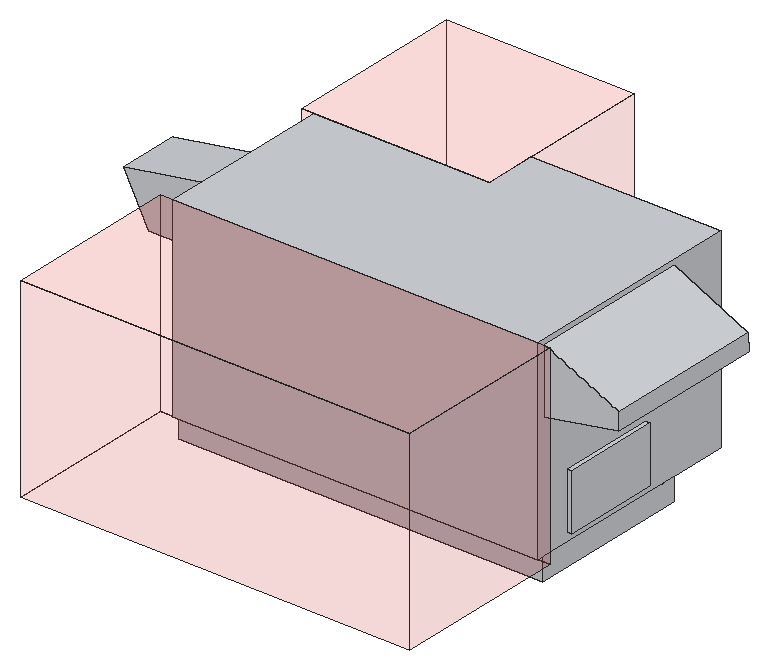
Revit family
Parameters (values of type "575 V Three Phase")
  XS4 [instance] = "XS4"
  XS3 [instance] = "XS3"
  XP5 [instance] = "XP5"
  XP3 [instance] = "XP3"
  XH5 [instance] = "XH5"
  XH3 [instance] = "XH3"
  XD4 [instance] = "XD4"
  XD3 [instance] = "XD3"
  XB4 [instance] = "XB4"
  XB3 [instance] = "XB3"
  Winter Exhaust RH Scheduled [instance] = 35
  Winter Exhaust DB Scheduled [instance] = 70
  Weight Scheduled [instance] = 1100
  Voltage Workaround = Voltage / 1 V  # 575
  Voltage Scheduled = Voltage  # 575 V
  Voltage = 575 V
  VoltAmps Workaround [instance] = Voltage Workaround * Total FLA * sqrt(Phase)  # 6373.947
  VoltAmps [instance] = VoltAmps Workaround * 1 VA  # 6373.95 VA
  URL = "http://www.renewaire.com/products/doas/outdoor-models/rd2xrt"
  Total FLA [instance] = Supply Motor FLA + Exhaust Motor FLA  # 6.4
  Supply Motor HP Scheduled [instance] = Supply Motor HP  # 2
  Supply Motor HP [instance] = 2  # constant formula
  Supply Motor FLA [instance] = if(and(or(Voltage = 208 V, Voltage = 230 V), Phase = 1), 9.5, if(and(or(Voltage = 208 V, Voltage = 230 V), Phase = 3), 8.1, if(and(Voltage = 460 V, Phase = 3), 4.1, if(and(Voltage = 575 V, Phase = 3), 3.2, 0))))  # 3.2
  Supply Motor Count Scheduled [instance] = Supply Motor Count  # 1
  Supply Motor Count [instance] = 1  # constant formula
  Supply ESP Scheduled [instance] = Supply ESP  # 1
  Supply ESP [instance] = 1
  Supply CFM Scheduled [instance] = Supply CFM  # 1600 CFM
  Supply CFM [instance] = 1600 CFM
  Supply Air Winter WB Scheduled [instance] = 0
  Supply Air Winter RH Scheduled [instance] = 0
  Supply Air Winter DB Scheduled [instance] = 0
  Supply Air Summer WB Scheduled [instance] = 0
  Supply Air Summer RH Scheduled [instance] = 0
  Supply Air Summer DB Scheduled [instance] = 0
  Summer Exhaust RH Scheduled [instance] = 50
  Summer Exhaust DB Scheduled [instance] = 75
  SD5 [instance] = "SD5"
  SD4 [instance] = "SD4"
  SD3 [instance] = "SD3"
  SC5 [instance] = "SC5"
  SC4 [instance] = "SC4"
  SC3 [instance] = "SC3"
  Phase Scheduled = Phase  # 3
  Phase = 3
  Outside Air Winter WB Scheduled [instance] = -1
  Outside Air Winter DB Scheduled [instance] = 0
  Outside Air Summer WB Scheduled [instance] = 78
  Outside Air Summer DB Scheduled [instance] = 95
  Number of Poles = 3
  No Coil [instance] = "--"
  Model = "RD2XRT"
  Manufacturer = "RenewAire"
  MOCP Scheduled [instance] = MOCP  # 15
  MOCP [instance] = if(and(or(Voltage = 208 V, Voltage = 230 V), Phase = 1), 30, if(and(or(Voltage = 208 V, Voltage = 230 V), Phase = 3), 20, if(and(Voltage = 460 V, Phase = 3), 15, if(and(Voltage = 575 V, Phase = 3), 15, 0))))  # 15
  MCA Scheduled [instance] = MCA  # 7.2
  MCA [instance] = if(and(or(Voltage = 208 V, Voltage = 230 V), Phase = 1), 21.4, if(and(or(Voltage = 208 V, Voltage = 230 V), Phase = 3), 18.2, if(and(Voltage = 460 V, Phase = 3), 9.2, if(and(Voltage = 575 V, Phase = 3), 7.2, 0))))  # 7.2
  Heating Water EWT Scheduled [instance] = Heating Coil EWT  # 180
  Heating Coil Scheduled [instance] = if(Heat Coil XS4, XS4, if(Heat Coil XS3, XS3, if(Heat Coil XD3, XD3, if(Heat Coil XB4, XB4, if(Heat Coil DV4, DV4, if(Heat Coil XB3, XB3, if(Heat Coil DV3, DV3, if(Heat Coil SC5, SC5, if(Heat Coil SD5, SD5, if(Heat Coil SC4, SC4, if(Heat Coil SD4, SD4, if(Heat Coil SC3, SC3, if(Heat Coil SD3, SD3, if(Heat Coil HW1, HW1, No Coil))))))))))))))  # "--"
  Heating Coil PD Scheduled [instance] = if(and(and(Winter Exhaust DB Scheduled = 70, Winter Exhaust RH Scheduled = 35), and(Outside Air Winter WB Scheduled = -1, Outside Air Winter DB Scheduled = 0)), if(or(Heat Coil SC5, Heat Coil SD5), if(Heating Water EWT Scheduled = 140, if(Supply CFM > 2000 CFM, 0, if(Supply CFM > 1500 CFM, 0.9, if(Supply CFM > 1000 CFM, 0.4, 0.2))), if(Heating Water EWT Scheduled = 180, if(Supply CFM > 2000 CFM, 0, if(Supply CFM > 1500 CFM, 0.9, if(Supply CFM > 1000 CFM, 0.4, 0.2))), 0)), if(or(Heat Coil SC4, Heat Coil SD4), if(Heating Water EWT Scheduled = 140, if(Supply CFM > 2000 CFM, 0, if(Supply CFM > 1500 CFM, 0.8, if(Supply CFM > 1000 CFM, 0.4, 0.1))), if(Heating Water EWT Scheduled = 180, if(Supply CFM > 2000 CFM, 0, if(Supply CFM > 1500 CFM, 0.7, if(Supply CFM > 1000 CFM, 0.3, 0.1))), 0)), if(or(Heat Coil SC3, Heat Coil SD3), if(Heating Water EWT Scheduled = 140, if(Supply CFM > 2000 CFM, 0, if(Supply CFM > 1500 CFM, 2.8, if(Supply CFM > 1000 CFM, 1.3, 0.5))), if(Heating Water EWT Scheduled = 180, if(Supply CFM > 2000 CFM, 0, if(Supply CFM > 1500 CFM, 2.7, if(Supply CFM > 1000 CFM, 1.3, 0.5))), 0)), if(Heat Coil HW1, if(Heating Water EWT Scheduled = 140, if(Supply CFM > 2000 CFM, 0, if(Supply CFM > 1500 CFM, 1.6, if(Supply CFM > 1000 CFM, 0.8, 0.3))), if(Heating Water EWT Scheduled = 180, if(Supply CFM > 2000 CFM, 0, if(Supply CFM > 1500 CFM, 1.6, if(Supply CFM > 1000 CFM, 0.8, 0.3))), 0)), 0)))), 0)  # 0
  Heating Coil Load Scheduled [instance] = if(and(and(Winter Exhaust DB Scheduled = 70, Winter Exhaust RH Scheduled = 35), and(Outside Air Winter WB Scheduled = -1, Outside Air Winter DB Scheduled = 0)), if(or(Heat Coil XS4, Heat Coil XD4), if(Supply CFM > 2000 CFM, 0, if(Supply CFM > 1500 CFM, 109, if(Supply CFM > 1000 CFM, 81, 59))), if(or(Heat Coil XS3, Heat Coil XD3), if(Supply CFM > 2000 CFM, 0, if(Supply CFM > 1500 CFM, 79, if(Supply CFM > 1000 CFM, 65, 48))), if(or(Heat Coil XB4, Heat Coil DV4), if(Supply CFM > 2000 CFM, 0, if(Supply CFM > 1500 CFM, 102, if(Supply CFM > 1000 CFM, 78, 56))), if(or(Heat Coil XB3, Heat Coil DV3), if(Supply CFM > 2000 CFM, 0, if(Supply CFM > 1500 CFM, 75, if(Supply CFM > 1000 CFM, 61, 46))), if(or(Heat Coil SC5, Heat Coil SD5), if(Heating Water EWT Scheduled = 140, if(Supply CFM > 2000 CFM, 0, if(Supply CFM > 1500 CFM, 151, if(Supply CFM > 1000 CFM, 107, 66))), if(Heating Water EWT Scheduled = 180, if(Supply CFM > 2000 CFM, 0, if(Supply CFM > 1500 CFM, 218, if(Supply CFM > 1000 CFM, 157, 99))), 0)), if(or(Heat Coil SC4, Heat Coil SD4), if(Heating Water EWT Scheduled = 140, if(Supply CFM > 2000 CFM, 0, if(Supply CFM > 1500 CFM, 139, if(Supply CFM > 1000 CFM, 99, 62))), if(Heating Water EWT Scheduled = 180, if(Supply CFM > 2000 CFM, 0, if(Supply CFM > 1500 CFM, 201, if(Supply CFM > 1000 CFM, 145, 92))), 0)), if(or(Heat Coil SC3, Heat Coil SD3), if(Heating Water EWT Scheduled = 140, if(Supply CFM > 2000 CFM, 0, if(Supply CFM > 1500 CFM, 130, if(Supply CFM > 1000 CFM, 94, 60))), if(Heating Water EWT Scheduled = 180, if(Supply CFM > 2000 CFM, 0, if(Supply CFM > 1500 CFM, 188, if(Supply CFM > 1000 CFM, 138, 89))), 0)), if(Heat Coil HW1, if(Heating Water EWT Scheduled = 140, if(Supply CFM > 2000 CFM, 0, if(Supply CFM > 1500 CFM, 75, if(Supply CFM > 1000 CFM, 58, 41))), if(Heating Water EWT Scheduled = 180, if(Supply CFM > 2000 CFM, 0, if(Supply CFM > 1500 CFM, 110, if(Supply CFM > 1000 CFM, 86, 61))), 0)), 0)))))))), 0)  # 0
  Heating Coil LWT [instance] = 0
  Heating Coil LAT Scheduled [instance] = if(and(and(Winter Exhaust DB Scheduled = 70, Winter Exhaust RH Scheduled = 35), and(Outside Air Winter WB Scheduled = -1, Outside Air Winter DB Scheduled = 0)), if(or(Heat Coil XS4, Heat Coil XD4), if(Supply CFM > 2000 CFM, 0, if(Supply CFM > 1500 CFM, 96, if(Supply CFM > 1000 CFM, 99.8, 107.6))), if(or(Heat Coil XS3, Heat Coil XD3), if(Supply CFM > 2000 CFM, 0, if(Supply CFM > 1500 CFM, 82.6, if(Supply CFM > 1000 CFM, 89.5, 98.1))), if(or(Heat Coil XB4, Heat Coil DV4), if(Supply CFM > 2000 CFM, 0, if(Supply CFM > 1500 CFM, 92.9, if(Supply CFM > 1000 CFM, 97.4, 105.4))), if(or(Heat Coil XB3, Heat Coil DV3), if(Supply CFM > 2000 CFM, 0, if(Supply CFM > 1500 CFM, 80.5, if(Supply CFM > 1000 CFM, 87.4, 96))), if(or(Heat Coil SC5, Heat Coil SD5), if(Heating Water EWT Scheduled = 140, if(Supply CFM > 2000 CFM, 0, if(Supply CFM > 1500 CFM, 115.4, if(Supply CFM > 1000 CFM, 115.3, 114.7))), if(Heating Water EWT Scheduled = 180, if(Supply CFM > 2000 CFM, 0, if(Supply CFM > 1500 CFM, 146.5, if(Supply CFM > 1000 CFM, 145.9, 144.5))), 0)), if(or(Heat Coil SC4, Heat Coil SD4), if(Heating Water EWT Scheduled = 140, if(Supply CFM > 2000 CFM, 0, if(Supply CFM > 1500 CFM, 109.8, if(Supply CFM > 1000 CFM, 110.3, 110.3))), if(Heating Water EWT Scheduled = 180, if(Supply CFM > 2000 CFM, 0, if(Supply CFM > 1500 CFM, 138.7, if(Supply CFM > 1000 CFM, 138.7, 138.1))), 0)), if(or(Heat Coil SC3, Heat Coil SD3), if(Heating Water EWT Scheduled = 140, if(Supply CFM > 2000 CFM, 0, if(Supply CFM > 1500 CFM, 105.8, if(Supply CFM > 1000 CFM, 107.5, 108.8))), if(Heating Water EWT Scheduled = 180, if(Supply CFM > 2000 CFM, 0, if(Supply CFM > 1500 CFM, 132.4, if(Supply CFM > 1000 CFM, 134.4, 135.7))), 0)), if(Heat Coil HW1, if(Heating Water EWT Scheduled = 140, if(Supply CFM > 2000 CFM, 0, if(Supply CFM > 1500 CFM, 80.8, if(Supply CFM > 1000 CFM, 85.6, 90.9))), if(Heating Water EWT Scheduled = 180, if(Supply CFM > 2000 CFM, 0, if(Supply CFM > 1500 CFM, 96.6, if(Supply CFM > 1000 CFM, 102.7, 109.6))), 0)), 0)))))))), 0)  # 0
  Heating Coil Fluid Type Scheduled [instance] = ""
  Heating Coil Flow Rate Scheduled [instance] = if(and(and(Winter Exhaust DB Scheduled = 70, Winter Exhaust RH Scheduled = 35), and(Outside Air Winter WB Scheduled = -1, Outside Air Winter DB Scheduled = 0)), if(or(Heat Coil SC5, Heat Coil SD5), if(Heating Water EWT Scheduled = 140, if(Supply CFM > 2000 CFM, 0, if(Supply CFM > 1500 CFM, 6.4, if(Supply CFM > 1000 CFM, 4.2, 2.4))), if(Heating Water EWT Scheduled = 180, if(Supply CFM > 2000 CFM, 0, if(Supply CFM > 1500 CFM, 6.4, if(Supply CFM > 1000 CFM, 4.2, 2.4))), 0)), if(or(Heat Coil SC4, Heat Coil SD4), if(Heating Water EWT Scheduled = 140, if(Supply CFM > 2000 CFM, 0, if(Supply CFM > 1500 CFM, 6.4, if(Supply CFM > 1000 CFM, 4.2, 2.4))), if(Heating Water EWT Scheduled = 180, if(Supply CFM > 2000 CFM, 0, if(Supply CFM > 1500 CFM, 6.4, if(Supply CFM > 1000 CFM, 4.2, 2.4))), 0)), if(or(Heat Coil SC3, Heat Coil SD3), if(Heating Water EWT Scheduled = 140, if(Supply CFM > 2000 CFM, 0, if(Supply CFM > 1500 CFM, 6.4, if(Supply CFM > 1000 CFM, 4.2, 2.4))), if(Heating Water EWT Scheduled = 180, if(Supply CFM > 2000 CFM, 0, if(Supply CFM > 1500 CFM, 6.4, if(Supply CFM > 1000 CFM, 4.2, 2.4))), 0)), if(Heat Coil HW1, if(Heating Water EWT Scheduled = 140, if(Supply CFM > 2000 CFM, 0, if(Supply CFM > 1500 CFM, 7.5, if(Supply CFM > 1000 CFM, 5, 2.9))), if(Heating Water EWT Scheduled = 180, if(Supply CFM > 2000 CFM, 0, if(Supply CFM > 1500 CFM, 7.6, if(Supply CFM > 1000 CFM, 5, 2.9))), 0)), 0)))), 0)  # 0
  Heating Coil EWT [instance] = 180
  Heat Coil XS4 [instance] = no
  Heat Coil XS3 [instance] = no
  Heat Coil XD4 [instance] = no
  Heat Coil XD3 [instance] = no
  Heat Coil XB4 [instance] = no
  Heat Coil XB3 [instance] = no
  Heat Coil SD5 [instance] = no
  Heat Coil SD4 [instance] = no
  Heat Coil SD3 [instance] = no
  Heat Coil SC5 [instance] = no
  Heat Coil SC4 [instance] = no
  Heat Coil SC3 [instance] = no
  Heat Coil HW1 [instance] = no
  Heat Coil DV4 [instance] = no
  Heat Coil DV3 [instance] = no
  HW1 [instance] = "HW1"
  HP4 [instance] = "HP4"
  HP3 [instance] = "HP3"
  FLA Scheduled [instance] = Total FLA  # 6.4
  Exhaust Motor HP Scheduled [instance] = Exhaust Motor HP  # 2
  Exhaust Motor HP [instance] = 2  # constant formula
  Exhaust Motor FLA [instance] = if(and(or(Voltage = 208 V, Voltage = 230 V), Phase = 1), 9.5, if(and(or(Voltage = 208 V, Voltage = 230 V), Phase = 3), 8.1, if(and(Voltage = 460 V, Phase = 3), 4.1, if(and(Voltage = 575 V, Phase = 3), 3.2, 0))))  # 3.2
  Exhaust Motor Count Scheduled [instance] = Exhaust Motor Count  # 1
  Exhaust Motor Count [instance] = 1  # constant formula
  Exhaust ESP Scheduled [instance] = Exhaust ESP  # 1
  Exhaust ESP [instance] = 1
  Exhaust CFM Scheduled [instance] = Exhaust CFM  # 1500 CFM
  Exhaust CFM [instance] = 1500 CFM
  Enthalpy Effect Winter Scheduled [instance] = 0
  Enthalpy Effect Summer Scheduled [instance] = 0
  Effectiveness Total Winter Scheduled [instance] = 0
  Effectiveness Total Summer Scheduled [instance] = 0
  Effectiveness Sensible Winter Scheduled [instance] = 0
  Effectiveness Sensible Summer Scheduled [instance] = 0
  DX5 [instance] = "DX5"
  DX3 [instance] = "DX3"
  DV4 [instance] = "DV4"
  DV3 [instance] = "DV3"
  DU4 [instance] = "DU4"
  DU3 [instance] = "DU3"
  DP4 [instance] = "DP4"
  DP3 [instance] = "DP3"
  DH4 [instance] = "DH4"
  DH3 [instance] = "DH3"
  DD5 [instance] = "DD5"
  DD3 [instance] = "DD3"
  Cooling Coil Scheduled [instance] = if(Cool Coil DX5, DX5, if(Cool Coil DD5, DD5, if(Cool Coil XH5, XH5, if(Cool Coil XP5, XP5, if(Cool Coil DX3, DX3, if(Cool Coil DD3, DD3, if(Cool Coil XH3, XH3, if(Cool Coil XP3, XP3, if(Cool Coil DU4, DU4, if(Cool Coil DH4, DH4, if(Cool Coil DP4, DP4, if(Cool Coil HP4, HP4, if(Cool Coil DU3, DU3, if(Cool Coil DH3, DH3, if(Cool Coil DH3, DH3, if(Cool Coil DP3, DP3, if(Cool Coil HP3, HP3, if(Cool Coil XS4, XS4, if(Cool Coil XD4, XD4, if(Cool Coil XS3, XS3, if(Cool Coil XD3, XD3, if(Cool Coil XB4, XB4, if(Cool Coil DV4, DV4, if(Cool Coil XB3, XB3, if(Cool Coil DV3, DV3, if(Cool Coil CW5, CW5, if(Cool Coil CD5, CD5, if(Cool Coil CH5, CH5, if(Cool Coil BD5, BD5, if(Cool Coil SC5, SC5, if(Cool Coil SD5, SD5, if(Cool Coil CW4, CW4, if(Cool Coil CD4, CD4, if(Cool Coil CH4, CH4, if(Cool Coil BD4, BD4, if(Cool Coil SC4, SC4, if(Cool Coil SD4, SD4, if(Cool Coil CW3, CW3, if(Cool Coil CD3, CD3, if(Cool Coil CH3, CH3, if(Cool Coil BD3, BD3, if(Cool Coil SC3, SC3, if(Cool Coil SD3, SD3, No Coil)))))))))))))))))))))))))))))))))))))))))))  # "--"
  Cooling Coil PD [instance] = if(and(Summer Exhaust DB Scheduled = 75, Summer Exhaust RH Scheduled = 50), if(or(Cool Coil CW5, or(Cool Coil CD5, or(Cool Coil CH5, or(Cool Coil BD5, or(Cool Coil SC5, Cool Coil SD5))))), if(and(Outside Air Summer DB Scheduled = 95, Outside Air Summer WB Scheduled = 78), if(Supply CFM > 2000 CFM, 0, if(Supply CFM > 1500 CFM, 13.9, if(Supply CFM > 1000 CFM, 7.5, 3.3))), if(and(Outside Air Summer DB Scheduled = 88, Outside Air Summer WB Scheduled = 77), if(Supply CFM > 2000 CFM, 0, if(Supply CFM > 1500 CFM, 13.8, if(Supply CFM > 1000 CFM, 7.5, 3.2))), 0)), if(or(Cool Coil CW4, or(Cool Coil CD4, or(Cool Coil CH4, or(Cool Coil BD4, or(Cool Coil SC4, Cool Coil SD4))))), if(and(Outside Air Summer DB Scheduled = 95, Outside Air Summer WB Scheduled = 78), if(Supply CFM > 2000 CFM, 0, if(Supply CFM > 1500 CFM, 11.7, if(Supply CFM > 1000 CFM, 6.3, 2.8))), if(and(Outside Air Summer DB Scheduled = 88, Outside Air Summer WB Scheduled = 77), if(Supply CFM > 2000 CFM, 0, if(Supply CFM > 1500 CFM, 11.6, if(Supply CFM > 1000 CFM, 6.3, 2.7))), 0)), if(or(Cool Coil CW3, or(Cool Coil CD3, or(Cool Coil CH3, or(Cool Coil BD3, or(Cool Coil SC3, Cool Coil SD3))))), if(and(Outside Air Summer DB Scheduled = 95, Outside Air Summer WB Scheduled = 78), if(Supply CFM > 2000 CFM, 0, if(Supply CFM > 1500 CFM, 0, if(Supply CFM > 1000 CFM, 23.5, 10.3))), if(and(Outside Air Summer DB Scheduled = 88, Outside Air Summer WB Scheduled = 77), if(Supply CFM > 2000 CFM, 0, if(Supply CFM > 1500 CFM, 0, if(Supply CFM > 1000 CFM, 23.3, 10.1))), 0)), 0))), 0)  # 0
  Cooling Coil Load Scheduled [instance] = if(and(Summer Exhaust DB Scheduled = 75, Summer Exhaust RH Scheduled = 50), if(or(Cool Coil DX5, or(Cool Coil DD5, or(Cool Coil XH5, Cool Coil XP5))), if(and(Outside Air Summer DB Scheduled = 95, Outside Air Summer WB Scheduled = 78), if(Supply CFM > 2000 CFM, 0, if(Supply CFM > 1500 CFM, 125, if(Supply CFM > 1000 CFM, 97, 67))), if(and(Outside Air Summer DB Scheduled = 88, Outside Air Summer WB Scheduled = 77), if(Supply CFM > 2000 CFM, 0, if(Supply CFM > 1500 CFM, 124, if(Supply CFM > 1000 CFM, 96, 67))), 0)), if(or(Cool Coil DX3, or(Cool Coil DD3, or(Cool Coil XH3, Cool Coil XP3))), if(and(Outside Air Summer DB Scheduled = 95, Outside Air Summer WB Scheduled = 78), if(Supply CFM > 2000 CFM, 0, if(Supply CFM > 1500 CFM, 102, if(Supply CFM > 1000 CFM, 81, 58))), if(and(Outside Air Summer DB Scheduled = 88, Outside Air Summer WB Scheduled = 77), if(Supply CFM > 2000 CFM, 0, if(Supply CFM > 1500 CFM, 102, if(Supply CFM > 1000 CFM, 80, 57))), 0)), if(or(Cool Coil DU4, or(Cool Coil DH4, or(Cool Coil DP4, Cool Coil HP4))), if(and(Outside Air Summer DB Scheduled = 95, Outside Air Summer WB Scheduled = 78), if(Supply CFM > 2000 CFM, 0, if(Supply CFM > 1500 CFM, 121, if(Supply CFM > 1000 CFM, 94, 66))), if(and(Outside Air Summer DB Scheduled = 88, Outside Air Summer WB Scheduled = 77), if(Supply CFM > 2000 CFM, 0, if(Supply CFM > 1500 CFM, 121, if(Supply CFM > 1000 CFM, 94, 65))), 0)), if(or(Cool Coil DU3, or(Cool Coil DH3, or(Cool Coil DP3, Cool Coil HP3))), if(and(Outside Air Summer DB Scheduled = 95, Outside Air Summer WB Scheduled = 78), if(Supply CFM > 2000 CFM, 0, if(Supply CFM > 1500 CFM, 102, if(Supply CFM > 1000 CFM, 81, 58))), if(and(Outside Air Summer DB Scheduled = 88, Outside Air Summer WB Scheduled = 77), if(Supply CFM > 2000 CFM, 0, if(Supply CFM > 1500 CFM, 102, if(Supply CFM > 1000 CFM, 80, 57))), 0)), if(or(Cool Coil XS4, Cool Coil XD4), if(and(Outside Air Summer DB Scheduled = 95, Outside Air Summer WB Scheduled = 78), if(Supply CFM > 2000 CFM, 0, if(Supply CFM > 1500 CFM, 124, if(Supply CFM > 1000 CFM, 97, 68))), if(and(Outside Air Summer DB Scheduled = 88, Outside Air Summer WB Scheduled = 77), if(Supply CFM > 2000 CFM, 0, if(Supply CFM > 1500 CFM, 123, if(Supply CFM > 1000 CFM, 96, 68))), 0)), if(or(Cool Coil XS3, Cool Coil XD3), if(and(Outside Air Summer DB Scheduled = 95, Outside Air Summer WB Scheduled = 78), if(Supply CFM > 2000 CFM, 0, if(Supply CFM > 1500 CFM, 106, if(Supply CFM > 1000 CFM, 84, 60))), if(and(Outside Air Summer DB Scheduled = 88, Outside Air Summer WB Scheduled = 77), if(Supply CFM > 2000 CFM, 0, if(Supply CFM > 1500 CFM, 106, if(Supply CFM > 1000 CFM, 84, 60))), 0)), if(or(Cool Coil XB4, Cool Coil DV4), if(and(Outside Air Summer DB Scheduled = 95, Outside Air Summer WB Scheduled = 78), if(Supply CFM > 2000 CFM, 0, if(Supply CFM > 1500 CFM, 121, if(Supply CFM > 1000 CFM, 95, 67))), if(and(Outside Air Summer DB Scheduled = 88, Outside Air Summer WB Scheduled = 77), if(Supply CFM > 2000 CFM, 0, if(Supply CFM > 1500 CFM, 120, if(Supply CFM > 1000 CFM, 94, 66))), 0)), if(or(Cool Coil XB3, Cool Coil DV3), if(and(Outside Air Summer DB Scheduled = 95, Outside Air Summer WB Scheduled = 78), if(Supply CFM > 2000 CFM, 0, if(Supply CFM > 1500 CFM, 103, if(Supply CFM > 1000 CFM, 82, 59))), if(and(Outside Air Summer DB Scheduled = 88, Outside Air Summer WB Scheduled = 77), if(Supply CFM > 2000 CFM, 0, if(Supply CFM > 1500 CFM, 103, if(Supply CFM > 1000 CFM, 82, 59))), 0)), if(or(Cool Coil CW5, or(Cool Coil CD5, or(Cool Coil CH5, or(Cool Coil BD5, or(Cool Coil SC5, Cool Coil SD5))))), if(and(Outside Air Summer DB Scheduled = 95, Outside Air Summer WB Scheduled = 78), if(Supply CFM > 2000 CFM, 0, if(Supply CFM > 1500 CFM, 123, if(Supply CFM > 1000 CFM, 92, 61))), if(and(Outside Air Summer DB Scheduled = 88, Outside Air Summer WB Scheduled = 77), if(Supply CFM > 2000 CFM, 0, if(Supply CFM > 1500 CFM, 123, if(Supply CFM > 1000 CFM, 91, 60))), 0)), if(or(Cool Coil CW4, or(Cool Coil CD4, or(Cool Coil CH4, or(Cool Coil BD4, or(Cool Coil SC4, Cool Coil SD4))))), if(and(Outside Air Summer DB Scheduled = 95, Outside Air Summer WB Scheduled = 78), if(Supply CFM > 2000 CFM, 0, if(Supply CFM > 1500 CFM, 112, if(Supply CFM > 1000 CFM, 84, 56))), if(and(Outside Air Summer DB Scheduled = 88, Outside Air Summer WB Scheduled = 77), if(Supply CFM > 2000 CFM, 0, if(Supply CFM > 1500 CFM, 111, if(Supply CFM > 1000 CFM, 83, 56))), 0)), if(or(Cool Coil CW3, or(Cool Coil CD3, or(Cool Coil CH3, or(Cool Coil BD3, or(Cool Coil SC3, Cool Coil SD3))))), if(and(Outside Air Summer DB Scheduled = 95, Outside Air Summer WB Scheduled = 78), if(Supply CFM > 2000 CFM, 0, if(Supply CFM > 1500 CFM, 0, if(Supply CFM > 1000 CFM, 79, 54))), if(and(Outside Air Summer DB Scheduled = 88, Outside Air Summer WB Scheduled = 77), if(Supply CFM > 2000 CFM, 0, if(Supply CFM > 1500 CFM, 0, if(Supply CFM > 1000 CFM, 78, 53))), 0)), 0))))))))))), 0)  # 0
  Cooling Coil LWT [instance] = 55
  Cooling Coil LAT Scheduled [instance] = if(and(Summer Exhaust DB Scheduled = 75, Summer Exhaust RH Scheduled = 50), if(or(Cool Coil DX5, or(Cool Coil DD5, or(Cool Coil XH5, Cool Coil XP5))), if(and(Outside Air Summer DB Scheduled = 95, Outside Air Summer WB Scheduled = 78), if(Supply CFM > 2000 CFM, 0, if(Supply CFM > 1500 CFM, 53.8, if(Supply CFM > 1000 CFM, 51.4, 48.6))), if(and(Outside Air Summer DB Scheduled = 88, Outside Air Summer WB Scheduled = 77), if(Supply CFM > 2000 CFM, 0, if(Supply CFM > 1500 CFM, 53.7, if(Supply CFM > 1000 CFM, 51.3, 48.5))), 0)), if(or(Cool Coil DX3, or(Cool Coil DD3, or(Cool Coil XH3, Cool Coil XP3))), if(and(Outside Air Summer DB Scheduled = 95, Outside Air Summer WB Scheduled = 78), if(Supply CFM > 2000 CFM, 0, if(Supply CFM > 1500 CFM, 58.5, if(Supply CFM > 1000 CFM, 55.9, 52.8))), if(and(Outside Air Summer DB Scheduled = 88, Outside Air Summer WB Scheduled = 77), if(Supply CFM > 2000 CFM, 0, if(Supply CFM > 1500 CFM, 58.2, if(Supply CFM > 1000 CFM, 55.7, 52.7))), 0)), if(or(Cool Coil DU4, or(Cool Coil DH4, or(Cool Coil DP4, Cool Coil HP4))), if(and(Outside Air Summer DB Scheduled = 95, Outside Air Summer WB Scheduled = 78), if(Supply CFM > 2000 CFM, 0, if(Supply CFM > 1500 CFM, 54.4, if(Supply CFM > 1000 CFM, 52, 49.3))), if(and(Outside Air Summer DB Scheduled = 88, Outside Air Summer WB Scheduled = 77), if(Supply CFM > 2000 CFM, 0, if(Supply CFM > 1500 CFM, 54.3, if(Supply CFM > 1000 CFM, 52, 49.2))), 0)), if(or(Cool Coil DU3, or(Cool Coil DH3, or(Cool Coil DP3, Cool Coil HP3))), if(and(Outside Air Summer DB Scheduled = 95, Outside Air Summer WB Scheduled = 78), if(Supply CFM > 2000 CFM, 0, if(Supply CFM > 1500 CFM, 58.5, if(Supply CFM > 1000 CFM, 55.9, 52.8))), if(and(Outside Air Summer DB Scheduled = 88, Outside Air Summer WB Scheduled = 77), if(Supply CFM > 2000 CFM, 0, if(Supply CFM > 1500 CFM, 58.2, if(Supply CFM > 1000 CFM, 55.7, 52.7))), 0)), if(or(Cool Coil XS4, Cool Coil XD4), if(and(Outside Air Summer DB Scheduled = 95, Outside Air Summer WB Scheduled = 78), if(Supply CFM > 2000 CFM, 0, if(Supply CFM > 1500 CFM, 54.2, if(Supply CFM > 1000 CFM, 51.5, 48.3))), if(and(Outside Air Summer DB Scheduled = 88, Outside Air Summer WB Scheduled = 77), if(Supply CFM > 2000 CFM, 0, if(Supply CFM > 1500 CFM, 54, if(Supply CFM > 1000 CFM, 51.4, 48.3))), 0)), if(or(Cool Coil XS3, Cool Coil XD3), if(and(Outside Air Summer DB Scheduled = 95, Outside Air Summer WB Scheduled = 78), if(Supply CFM > 2000 CFM, 0, if(Supply CFM > 1500 CFM, 58.1, if(Supply CFM > 1000 CFM, 55.3, 51.8))), if(and(Outside Air Summer DB Scheduled = 88, Outside Air Summer WB Scheduled = 77), if(Supply CFM > 2000 CFM, 0, if(Supply CFM > 1500 CFM, 57.7, if(Supply CFM > 1000 CFM, 55.1, 51.7))), 0)), if(or(Cool Coil XB4, Cool Coil DV4), if(and(Outside Air Summer DB Scheduled = 95, Outside Air Summer WB Scheduled = 78), if(Supply CFM > 2000 CFM, 0, if(Supply CFM > 1500 CFM, 54.9, if(Supply CFM > 1000 CFM, 52.1, 48.9))), if(and(Outside Air Summer DB Scheduled = 88, Outside Air Summer WB Scheduled = 77), if(Supply CFM > 2000 CFM, 0, if(Supply CFM > 1500 CFM, 54.7, if(Supply CFM > 1000 CFM, 52, 48.9))), 0)), if(or(Cool Coil XB3, Cool Coil DV3), if(and(Outside Air Summer DB Scheduled = 95, Outside Air Summer WB Scheduled = 78), if(Supply CFM > 2000 CFM, 0, if(Supply CFM > 1500 CFM, 58.7, if(Supply CFM > 1000 CFM, 55.9, 52.5))), if(and(Outside Air Summer DB Scheduled = 88, Outside Air Summer WB Scheduled = 77), if(Supply CFM > 2000 CFM, 0, if(Supply CFM > 1500 CFM, 58.3, if(Supply CFM > 1000 CFM, 55.7, 52.3))), 0)), if(or(Cool Coil CW5, or(Cool Coil CD5, or(Cool Coil CH5, or(Cool Coil BD5, or(Cool Coil SC5, Cool Coil SD5))))), if(and(Outside Air Summer DB Scheduled = 95, Outside Air Summer WB Scheduled = 78), if(Supply CFM > 2000 CFM, 0, if(Supply CFM > 1500 CFM, 53.7, if(Supply CFM > 1000 CFM, 52.5, 51.1))), if(and(Outside Air Summer DB Scheduled = 88, Outside Air Summer WB Scheduled = 77), if(Supply CFM > 2000 CFM, 0, if(Supply CFM > 1500 CFM, 53.6, if(Supply CFM > 1000 CFM, 52.4, 51.1))), 0)), if(or(Cool Coil CW4, or(Cool Coil CD4, or(Cool Coil CH4, or(Cool Coil BD4, or(Cool Coil SC4, Cool Coil SD4))))), if(and(Outside Air Summer DB Scheduled = 95, Outside Air Summer WB Scheduled = 78), if(Supply CFM > 2000 CFM, 0, if(Supply CFM > 1500 CFM, 56, if(Supply CFM > 1000 CFM, 54.6, 53.1))), if(and(Outside Air Summer DB Scheduled = 88, Outside Air Summer WB Scheduled = 77), if(Supply CFM > 2000 CFM, 0, if(Supply CFM > 1500 CFM, 55.8, if(Supply CFM > 1000 CFM, 54.5, 53))), 0)), if(or(Cool Coil CW3, or(Cool Coil CD3, or(Cool Coil CH3, or(Cool Coil BD3, or(Cool Coil SC3, Cool Coil SD3))))), if(and(Outside Air Summer DB Scheduled = 95, Outside Air Summer WB Scheduled = 78), if(Supply CFM > 2000 CFM, 0, if(Supply CFM > 1500 CFM, 0, if(Supply CFM > 1000 CFM, 56.2, 54.2))), if(and(Outside Air Summer DB Scheduled = 88, Outside Air Summer WB Scheduled = 77), if(Supply CFM > 2000 CFM, 0, if(Supply CFM > 1500 CFM, 0, if(Supply CFM > 1000 CFM, 56, 54.1))), 0)), 0))))))))))), 0)  # 0
  Cooling Coil Fluid Type Scheduled [instance] = ""
  Cooling Coil Flow Rate Scheduled [instance] = if(and(Summer Exhaust DB Scheduled = 75, Summer Exhaust RH Scheduled = 50), if(or(Cool Coil CW5, or(Cool Coil CD5, or(Cool Coil CH5, or(Cool Coil BD5, or(Cool Coil SC5, Cool Coil SD5))))), if(and(Outside Air Summer DB Scheduled = 95, Outside Air Summer WB Scheduled = 78), if(Supply CFM > 2000 CFM, 0, if(Supply CFM > 1500 CFM, 26.2, if(Supply CFM > 1000 CFM, 18.6, 11.7))), if(and(Outside Air Summer DB Scheduled = 88, Outside Air Summer WB Scheduled = 77), if(Supply CFM > 2000 CFM, 0, if(Supply CFM > 1500 CFM, 26.1, if(Supply CFM > 1000 CFM, 18.5, 11.5))), 0)), if(or(Cool Coil CW4, or(Cool Coil CD4, or(Cool Coil CH4, or(Cool Coil BD4, or(Cool Coil SC4, Cool Coil SD4))))), if(and(Outside Air Summer DB Scheduled = 95, Outside Air Summer WB Scheduled = 78), if(Supply CFM > 2000 CFM, 0, if(Supply CFM > 1500 CFM, 26.2, if(Supply CFM > 1000 CFM, 18.6, 11.7))), if(and(Outside Air Summer DB Scheduled = 88, Outside Air Summer WB Scheduled = 77), if(Supply CFM > 2000 CFM, 0, if(Supply CFM > 1500 CFM, 26.1, if(Supply CFM > 1000 CFM, 18.5, 11.5))), 0)), if(or(Cool Coil CW3, or(Cool Coil CD3, or(Cool Coil CH3, or(Cool Coil BD3, or(Cool Coil SC3, Cool Coil SD3))))), if(and(Outside Air Summer DB Scheduled = 95, Outside Air Summer WB Scheduled = 78), if(Supply CFM > 2000 CFM, 0, if(Supply CFM > 1500 CFM, 0, if(Supply CFM > 1000 CFM, 18.6, 11.7))), if(and(Outside Air Summer DB Scheduled = 88, Outside Air Summer WB Scheduled = 77), if(Supply CFM > 2000 CFM, 0, if(Supply CFM > 1500 CFM, 0, if(Supply CFM > 1000 CFM, 18.5, 11.5))), 0)), 0))), 0)  # 0
  Cooling Coil EWT [instance] = 45
  Cool Coil XS4 [instance] = no
  Cool Coil XS3 [instance] = no
  Cool Coil XP5 [instance] = no
  Cool Coil XP3 [instance] = no
  Cool Coil XH5 [instance] = no
  Cool Coil XH3 [instance] = no
  Cool Coil XD4 [instance] = no
  Cool Coil XD3 [instance] = no
  Cool Coil XB4 [instance] = no
  Cool Coil XB3 [instance] = no
  Cool Coil SD5 [instance] = no
  Cool Coil SD4 [instance] = no
  Cool Coil SD3 [instance] = no
  Cool Coil SC5 [instance] = no
  Cool Coil SC4 [instance] = no
  Cool Coil SC3 [instance] = no
  Cool Coil HP4 [instance] = no
  Cool Coil HP3 [instance] = no
  Cool Coil DX5 [instance] = no
  Cool Coil DX3 [instance] = no
  Cool Coil DV4 [instance] = no
  Cool Coil DV3 [instance] = no
  Cool Coil DU4 [instance] = no
  Cool Coil DU3 [instance] = no
  Cool Coil DP4 [instance] = no
  Cool Coil DP3 [instance] = no
  Cool Coil DH4 [instance] = no
  Cool Coil DH3 [instance] = no
  Cool Coil DD5 [instance] = no
  Cool Coil DD3 [instance] = no
  Cool Coil CW5 [instance] = no
  Cool Coil CW4 [instance] = no
  Cool Coil CW3 [instance] = no
  Cool Coil CH5 [instance] = no
  Cool Coil CH4 [instance] = no
  Cool Coil CH3 [instance] = no
  Cool Coil CD5 [instance] = no
  Cool Coil CD4 [instance] = no
  Cool Coil CD3 [instance] = no
  Cool Coil BD5 [instance] = no
  Cool Coil BD4 [instance] = no
  Cool Coil BD3 [instance] = no
  CW5 [instance] = "CW5"
  CW4 [instance] = "CW4"
  CW3 [instance] = "CW3"
  CH5 [instance] = "CH5"
  CH4 [instance] = "CH4"
  CH3 [instance] = "CH3"
  CD5 [instance] = "CD5"
  CD4 [instance] = "CD4"
  CD3 [instance] = "CD3"
  BD5 [instance] = "BD5"
  BD4 [instance] = "BD4"
  BD3 [instance] = "BD3"
Types (7): name | Voltage Workaround | Voltage Scheduled | Voltage | VoltAmps Workaround | VoltAmps | Total FLA | Supply Motor FLA | Phase Scheduled | Phase | Number of Poles | MOCP Scheduled | MOCP | MCA Scheduled | MCA | FLA Scheduled | Exhaust Motor FLA
  (no name) | 575 | 575 V | 575 V | 6373.947 | 6373.95 VA | 6.4 | 3.2 | 3 | 3 | 3 | 15 | 15 | 7.2 | 7.2 | 6.4 | 3.2
  208 V Single Phase | 208 | 208 V | 208 V | 3952 | 3952 VA | 19 | 9.5 | 1 | 1 | 2 | 30 | 30 | 21.4 | 21.4 | 19 | 9.5
  208 V Three Phase | 208 | 208 V | 208 V | 5836.3184 | 5836.32 VA | 16.2 | 8.1 | 3 | 3 | 3 | 20 | 20 | 18.2 | 18.2 | 16.2 | 8.1
  230 V Three Phase | 230 | 230 V | 230 V | 6453.6213 | 6453.62 VA | 16.2 | 8.1 | 3 | 3 | 3 | 20 | 20 | 18.2 | 18.2 | 16.2 | 8.1
  230 V Single Phase | 230 | 230 V | 230 V | 4370 | 4370 VA | 19 | 9.5 | 1 | 1 | 2 | 30 | 30 | 21.4 | 21.4 | 19 | 9.5
  460 V Three Phase | 460 | 460 V | 460 V | 6533.2956 | 6533.3 VA | 8.2 | 4.1 | 3 | 3 | 3 | 15 | 15 | 9.2 | 9.2 | 8.2 | 4.1
  575 V Three Phase | 575 | 575 V | 575 V | 6373.947 | 6373.95 VA | 6.4 | 3.2 | 3 | 3 | 3 | 15 | 15 | 7.2 | 7.2 | 6.4 | 3.2
Reference planes (in)
  plane 1 "Center (Front/Back)": y = 0
  plane 2: z = 0
  plane 3 "Center (Left/Right)": x = 0
Forms (in)
  Extrusion 1, solid
    sketch origin (0, 0, 0) x (1, 0, 0) y (0, 1, 0)
      loop
        line (-44.75, 21.625) -> (-44.75, -21.625) -> (44.75, -21.625) -> (44.75, 34.4375) -> (-1.70571, 34.4375) -> (-1.70571, 21.625) -> (-44.75, 21.625)
    from 5.5 to 53.125
  Extrusion 2, solid
    sketch origin (0, -1, 0) x (1, 0, 0) y (0, 1, 0)
      loop
        line (-44.75, 21.0625) -> (-44.75, -19.0625) -> (44.75, -19.0625) -> (44.75, 21.0625) -> (-44.75, 21.0625)
    from 0 to 5.5
  Extrusion 3, solid
    sketch origin (0, -1, 0.5) x (0, 1, 0) y (0, 0, 1)
      loop
        line (12.375, 7.125) -> (12.375, 21.125) -> (-11.625, 21.125) -> (-11.625, 7.125) -> (12.375, 7.125)
    from 44.75 to 46
  Extrusion 4, solid
    sketch origin (0, 0, 0) x (0, 1, 0) y (0, 0, -1)
      loop
        line (13.8125, -7) -> (-10.1875, -7) -> (-10.1875, -21) -> (13.8125, -21) -> (13.8125, -7)
    from 44.75 to 46
  Extrusion 5, solid
    sketch origin (-3.125, 0, 0) x (1, 0, 0) y (0, 1, 0)
      loop
        line (-44.75, -21.625) -> (-44.75, -64.6875) -> (51, -64.6875) -> (51, -21.625) -> (-44.75, -21.625)
    from 5.5 to 53.125
  Extrusion 6, solid
    sketch origin (0, 0, 0) x (1, 0, 0) y (0, 0, 1)
      loop
        line (-44.75, 50) -> (-68.5, 45.81223) -> (-62.45963, 33.88719) -> (-44.75, 33.88719) -> (-44.75, 50)
    from -7.875 to 7.125
  Extrusion 7, solid
    sketch origin (0, 0, -1) x (1, 0, 0) y (0, 0, 1)
      loop
        line (44.75, 53.125) -> (44.75, 37.17548) -> (63.125, 40.41549) -> (63.125, 44.5566) -> (44.75, 53.125)
    from -20.0625 to 19.68287
  Extrusion 8, solid
    sketch origin (-3.125, 99.125, 0) x (1, 0, 0) y (0, 1, 0)
      loop
        line (-44.75, -32.9375) -> (-44.75, -77.5) -> (1.41929, -77.5) -> (1.41929, -32.9375) -> (-44.75, -32.9375)
    from 5.5 to 53.125
  Extrusion 9, solid
    sketch origin (0, -1.25, 0) x (0, 1, 0) y (0, 0, 1)
      loop
        circle (-12.79322, 43.85492) r 0.875
    from -45.37423 to -44.75
Lines and regions (in)
  Split face 1
    outline origin (28.78388, 20.0625, 0) x (0, -1, 0) y (1, 0, 0)
      loop
        line (27.1875, -69.53388) -> (27.1875, -54.53388) -> (12.1875, -54.53388) -> (12.1875, -69.53388) -> (27.1875, -69.53388)
  Split face 2
    outline origin (28.78388, 20.0625, 0) x (0, -1, 0) y (1, 0, 0)
      loop
        line (32.8125, -0.78388) -> (32.8125, 13.21612) -> (8.8125, 13.21612) -> (8.8125, -0.78388) -> (32.8125, -0.78388)
Dimensions and locks (in)
  Extrusion 1 sketch curve to Extrusion 1 sketch curve = 3' - 7 1/4"
Connectors (in)
  hvac at (-46, 1.8125, 14)
    settings: on Extrusion 4, index 1, duct flow 0 CFM, flow factor 0, pres drop 0.00 in-wg, loss coef 0, conn angle 0.00°, conn width 24", conn height 14", conn radius 12", duct sys type 1, conn prof type 1, flow config 0, flow direction 2, loss method 0, conn ref index -1, conn util no, is conn primary yes, conn desc ""
  electrical at (-45.37423, -14.04322, 43.85492), driven by "Number of Poles", driven by "Voltage", driven by "VoltAmps"
    settings: on Extrusion 9, index 2, voltage 575 V, apparent load 6373.95 VA, apparent load phase1 0 VA, apparent load phase2 0 VA, apparent load phase3 0 VA, power factor 1, load classification "HVAC", number of poles 3, system type 30, power factor state 1, is connector primary yes, connector utility no, sub classification motor no, connector description ""
  hvac at (-33.25, 0.375, 0)
    settings: on Extrusion 2, index 3, duct flow 0 CFM, flow factor 0, pres drop 0.00 in-wg, loss coef 0, conn angle 0.00°, conn width 15", conn height 15", conn radius 12", duct sys type 1, conn prof type 1, flow config 0, flow direction 2, loss method 0, conn ref index -1, conn util no, is conn primary no, conn desc ""
  hvac at (35, -0.75, 0)
    settings: on Extrusion 2, index 4, duct flow 0 CFM, flow factor 0, pres drop 0.00 in-wg, loss coef 0, conn angle 0.00°, conn width 14", conn height 24", conn radius 12", duct sys type 2, conn prof type 1, flow config 0, flow direction 1, loss method 0, conn ref index -1, conn util no, is conn primary no, conn desc ""
  hvac at (46, -0.625, 14.625)
    settings: on Extrusion 3, index 5, duct flow 0 CFM, flow factor 0, pres drop 0.00 in-wg, loss coef 0, conn angle 0.00°, conn width 24", conn height 14", conn radius 12", duct sys type 2, conn prof type 1, flow config 0, flow direction 1, loss method 0, conn ref index -1, conn util no, is conn primary no, conn desc ""
